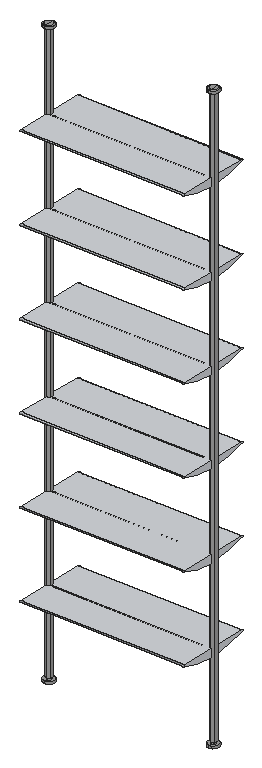
Revit family "Sailor_Modulo_Base", category Arredi, Revit 2017
Family settings
  Numero OmniClass = 23.40.20.00
  Titolo OmniClass = General Furniture and Specialties
  Basato su piano di lavoro = No
  Sempre verticale = Sì
  Taglio con vuoti quando caricato = No
  Condiviso = No
  Punto di calcolo locali = No
Parameters
  VisibRipiano6 [instance] = yes
  VisibRipiano5 [instance] = yes
  VisibRipiano4 [instance] = yes
  VisibRipiano3 [instance] = yes
  VisibRipiano1 [instance] = yes
  VisibRipiano2 [instance] = yes
  URL = "www.livingdivani.it"
  Ripiano = none
  Produttore = "Living Divani"
  PrimaAsta = yes
  Modello = "Sailor"
  Aste = Materiale per il rendering 128-128-128
  LunghezzaRipiano [instance] = 750 mm
Reference planes
  plane 1 "Centro (Fronte/Retro)": y = 0
  plane 2: z = 0
  plane 3 "Centro (Sinistra/Destra)": x = 0
  plane 4: y = 0
  plane 5 "Lunghezza Ripiano": x = 750
  plane 6 "primo ripiano": z = 383
  plane 7: y = 0
  plane 8: y = 0
  plane 9: y = 0
  plane 10: y = 0
  plane 11: y = 0
Forms (mm)
  Extrusion 1, solid, material "Materiale per il rendering 128-128-128" <- "Aste", visible <- "PrimaAsta"
    sketch origin (0, 0, 0) x (1, 0, 0) y (0, 1, 0)
      loop
        line (12.5, 7.217) -> (0, 14.434) -> (-12.5, 7.217) -> (-12.5, -7.217) -> (0, -14.434) -> (12.5, -7.217) -> (12.5, 7.217)
    from 20 to 2670
  Revolve 2, solid, material "Materiale per il rendering 128-128-128" <- "Aste", visible <- "PrimaAsta"
    sketch origin (0, 0, 0) x (0, 1, 0) y (0, 0, 1)
      loop
        line (0, 20) -> (0, 0) -> (19, 0) -> (20.125, 2.25) -> (25, 2.25) -> (25, 9.915) -> (7.761, 9.915) -> (6.996, 12.974) -> (5, 12.974) -> (5, 14.189) -> (7.229, 20) -> (0, 20)
      axis (0, 0) -> (0, 20)
    angle from 0 to 360
  Revolve 3, solid, material "Materiale per il rendering 128-128-128" <- "Aste", visible <- "PrimaAsta"
    sketch origin (0, 0, 2690) x (0, 1, 0) y (0, 0, -1)
      loop
        line (0, 20) -> (0, 0) -> (19, 0) -> (20.125, 2.25) -> (25, 2.25) -> (25, 9.915) -> (7.761, 9.915) -> (6.996, 12.974) -> (5, 12.974) -> (5, 14.189) -> (7.229, 20) -> (0, 20)
      axis (0, 0) -> (0, 20)
    angle from 0 to 360
  Extrusion 4, solid, material <- "Ripiano", visible <- "VisibRipiano1"
    sketch origin (0, -315.449, -968.719) x (0, 1, 0) y (0, 0, 1)
      loop
        arc (153.449, 1369.219) -> (150.496, 1366.748) -> (152.408, 1363.405) r 3
        arc (152.408, 1363.405) -> (315.449, 1334.219) -> (478.489, 1363.405) r 469.983
        arc (478.489, 1363.405) -> (480.402, 1366.748) -> (477.449, 1369.219) r 3
        line (477.449, 1369.219) -> (153.449, 1369.219)
      loop
        circle (315.449, 1351.719) r 8
    from 0 to 750 <- "LunghezzaRipiano"
  Extrusion 5, solid, visible <- "PrimaAsta", not visible
    sketch origin (0, 0, 0) x (1, 0, 0) y (0, 1, 0)
      loop
        line (12.5, 7.217) -> (0, 14.434) -> (-12.5, 7.217) -> (-12.5, -7.217) -> (0, -14.434) -> (12.5, -7.217) -> (12.5, 7.217)
    from 20 to 2670
  Revolve 6, solid, visible <- "PrimaAsta", not visible
    sketch origin (0, 0, 0) x (0, 1, 0) y (0, 0, 1)
      loop
        line (0, 20) -> (0, 0) -> (19, 0) -> (20.125, 2.25) -> (25, 2.25) -> (25, 9.915) -> (7.761, 9.915) -> (6.996, 12.974) -> (5, 12.974) -> (5, 14.189) -> (7.229, 20) -> (0, 20)
      axis (0, 0) -> (0, 20)
    angle from 0 to 360
  Revolve 7, solid, visible <- "PrimaAsta", not visible
    sketch origin (0, 0, 2690) x (0, 1, 0) y (0, 0, -1)
      loop
        line (0, 20) -> (0, 0) -> (19, 0) -> (20.125, 2.25) -> (25, 2.25) -> (25, 9.915) -> (7.761, 9.915) -> (6.996, 12.974) -> (5, 12.974) -> (5, 14.189) -> (7.229, 20) -> (0, 20)
      axis (0, 0) -> (0, 20)
    angle from 0 to 360
  Revolve 8, solid, material "Materiale per il rendering 128-128-128" <- "Aste"
    sketch origin (750, 0, 0) x (0, 1, 0) y (0, 0, 1)
      loop
        line (0, 20) -> (0, 0) -> (19, 0) -> (20.125, 2.25) -> (25, 2.25) -> (25, 9.915) -> (7.761, 9.915) -> (6.996, 12.974) -> (5, 12.974) -> (5, 14.189) -> (7.229, 20) -> (0, 20)
      axis (0, 0) -> (0, 20)
    angle from 0 to 360
  Revolve 9, solid, material "Materiale per il rendering 128-128-128" <- "Aste"
    sketch origin (750, 0, 2690) x (0, 1, 0) y (0, 0, -1)
      loop
        line (0, 20) -> (0, 0) -> (19, 0) -> (20.125, 2.25) -> (25, 2.25) -> (25, 9.915) -> (7.761, 9.915) -> (6.996, 12.974) -> (5, 12.974) -> (5, 14.189) -> (7.229, 20) -> (0, 20)
      axis (0, 0) -> (0, 20)
    angle from 0 to 360
  Extrusion 10, solid, material <- "Ripiano", visible <- "VisibRipiano2"
    sketch origin (0, -315.449, -583.719) x (0, 1, 0) y (0, 0, 1)
      loop
        arc (153.449, 1369.219) -> (150.496, 1366.748) -> (152.408, 1363.405) r 3
        arc (152.408, 1363.405) -> (315.449, 1334.219) -> (478.489, 1363.405) r 469.983
        arc (478.489, 1363.405) -> (480.402, 1366.748) -> (477.449, 1369.219) r 3
        line (477.449, 1369.219) -> (153.449, 1369.219)
      loop
        circle (315.449, 1351.719) r 8
    from 0 to 750 <- "LunghezzaRipiano"
  Extrusion 11, solid, material <- "Ripiano", visible <- "VisibRipiano3"
    sketch origin (0, -315.449, -198.719) x (0, 1, 0) y (0, 0, 1)
      loop
        arc (153.449, 1369.219) -> (150.496, 1366.748) -> (152.408, 1363.405) r 3
        arc (152.408, 1363.405) -> (315.449, 1334.219) -> (478.489, 1363.405) r 469.983
        arc (478.489, 1363.405) -> (480.402, 1366.748) -> (477.449, 1369.219) r 3
        line (477.449, 1369.219) -> (153.449, 1369.219)
      loop
        circle (315.449, 1351.719) r 8
    from 0 to 750 <- "LunghezzaRipiano"
  Extrusion 12, solid, material <- "Ripiano", visible <- "VisibRipiano4"
    sketch origin (0, -315.449, 186.281) x (0, 1, 0) y (0, 0, 1)
      loop
        arc (153.449, 1369.219) -> (150.496, 1366.748) -> (152.408, 1363.405) r 3
        arc (152.408, 1363.405) -> (315.449, 1334.219) -> (478.489, 1363.405) r 469.983
        arc (478.489, 1363.405) -> (480.402, 1366.748) -> (477.449, 1369.219) r 3
        line (477.449, 1369.219) -> (153.449, 1369.219)
      loop
        circle (315.449, 1351.719) r 8
    from 0 to 750 <- "LunghezzaRipiano"
  Extrusion 13, solid, material <- "Ripiano", visible <- "VisibRipiano5"
    sketch origin (0, -315.449, 571.281) x (0, 1, 0) y (0, 0, 1)
      loop
        arc (153.449, 1369.219) -> (150.496, 1366.748) -> (152.408, 1363.405) r 3
        arc (152.408, 1363.405) -> (315.449, 1334.219) -> (478.489, 1363.405) r 469.983
        arc (478.489, 1363.405) -> (480.402, 1366.748) -> (477.449, 1369.219) r 3
        line (477.449, 1369.219) -> (153.449, 1369.219)
      loop
        circle (315.449, 1351.719) r 8
    from 0 to 750 <- "LunghezzaRipiano"
  Extrusion 14, solid, material <- "Ripiano", visible <- "VisibRipiano6"
    sketch origin (0, -315.449, 956.281) x (0, 1, 0) y (0, 0, 1)
      loop
        arc (153.449, 1369.219) -> (150.496, 1366.748) -> (152.408, 1363.405) r 3
        arc (152.408, 1363.405) -> (315.449, 1334.219) -> (478.489, 1363.405) r 469.983
        arc (478.489, 1363.405) -> (480.402, 1366.748) -> (477.449, 1369.219) r 3
        line (477.449, 1369.219) -> (153.449, 1369.219)
      loop
        circle (315.449, 1351.719) r 8
    from 0 to 750 <- "LunghezzaRipiano"
  Extrusion 15, solid, material "Materiale per il rendering 128-128-128" <- "Aste"
    sketch origin (750, 0, 0) x (-1, 0, 0) y (0, -1, 0)
      loop
        line (12.5, -7.217) -> (12.5, 7.217) -> (0, 14.434) -> (-12.5, 7.217) -> (-12.5, -7.217) -> (0, -14.434) -> (12.5, -7.217)
    from 20 to 2670
  Extrusion 16, void
    sketch origin (-112.713, -21.581, 0) x (1, 0, 0) y (0, 1, 0)
      loop
        line (112.713, 36.015) -> (112.713, 7.147) -> (125.213, 14.364) -> (125.213, 28.798) -> (112.713, 36.015)
    from 361.476 to 406.494
  Extrusion 17, void
    sketch origin (862.713, -21.581, 0) x (-1, 0, 0) y (0, -1, 0)
      loop
        line (112.713, -36.015) -> (125.213, -28.798) -> (125.213, -14.364) -> (112.713, -7.147) -> (112.713, -36.015)
    from 361.476 to 406.494
  Extrusion 18, void
    sketch origin (-112.713, -21.581, 385.443) x (0, -1, 0) y (1, 0, 0)
      loop
        line (-36.015, 112.713) -> (-7.147, 112.713) -> (-14.364, 125.213) -> (-28.798, 125.213) -> (-36.015, 112.713)
    from 361.476 to 406.494
  Extrusion 19, void
    sketch origin (862.713, -21.581, 385.443) x (0, 1, 0) y (-1, 0, 0)
      loop
        line (36.015, 112.713) -> (28.798, 125.213) -> (14.364, 125.213) -> (7.147, 112.713) -> (36.015, 112.713)
    from 361.476 to 406.494
  Extrusion 20, void
    sketch origin (-112.713, -21.581, 770.443) x (0, -1, 0) y (1, 0, 0)
      loop
        line (-36.015, 112.713) -> (-7.147, 112.713) -> (-14.364, 125.213) -> (-28.798, 125.213) -> (-36.015, 112.713)
    from 361.476 to 406.494
  Extrusion 21, void
    sketch origin (862.713, -21.581, 770.443) x (0, 1, 0) y (-1, 0, 0)
      loop
        line (36.015, 112.713) -> (28.798, 125.213) -> (14.364, 125.213) -> (7.147, 112.713) -> (36.015, 112.713)
    from 361.476 to 406.494
  Extrusion 22, void
    sketch origin (-112.713, -21.581, 1155.443) x (0, -1, 0) y (1, 0, 0)
      loop
        line (-36.015, 112.713) -> (-7.147, 112.713) -> (-14.364, 125.213) -> (-28.798, 125.213) -> (-36.015, 112.713)
    from 361.476 to 406.494
  Extrusion 23, void
    sketch origin (862.713, -21.581, 1155.443) x (0, 1, 0) y (-1, 0, 0)
      loop
        line (36.015, 112.713) -> (28.798, 125.213) -> (14.364, 125.213) -> (7.147, 112.713) -> (36.015, 112.713)
    from 361.476 to 406.494
  Extrusion 24, void
    sketch origin (-112.713, -21.581, 1540.443) x (0, -1, 0) y (1, 0, 0)
      loop
        line (-36.015, 112.713) -> (-7.147, 112.713) -> (-14.364, 125.213) -> (-28.798, 125.213) -> (-36.015, 112.713)
    from 361.476 to 406.494
  Extrusion 25, void
    sketch origin (862.713, -21.581, 1540.443) x (0, 1, 0) y (-1, 0, 0)
      loop
        line (36.015, 112.713) -> (28.798, 125.213) -> (14.364, 125.213) -> (7.147, 112.713) -> (36.015, 112.713)
    from 361.476 to 406.494
  Extrusion 26, void
    sketch origin (-112.713, -21.581, 1925.443) x (0, -1, 0) y (1, 0, 0)
      loop
        line (-36.015, 112.713) -> (-7.147, 112.713) -> (-14.364, 125.213) -> (-28.798, 125.213) -> (-36.015, 112.713)
    from 361.476 to 406.494
  Extrusion 27, void
    sketch origin (862.713, -21.581, 1925.443) x (0, 1, 0) y (-1, 0, 0)
      loop
        line (36.015, 112.713) -> (28.798, 125.213) -> (14.364, 125.213) -> (7.147, 112.713) -> (36.015, 112.713)
    from 361.476 to 406.494
Cuts and joins
  Extrusion 16, Extrusion 17, Extrusion 18, Extrusion 19 cuts Extrusion 4
  Extrusion 16, Extrusion 17, Extrusion 26, Extrusion 27 cuts Extrusion 14
  Extrusion 17 cuts Extrusion 1
  Extrusion 18, Extrusion 19, Extrusion 20 cuts Extrusion 10
  Extrusion 20, Extrusion 21, Extrusion 22 cuts Extrusion 11
  Extrusion 22, Extrusion 23, Extrusion 24 cuts Extrusion 12
  Extrusion 24, Extrusion 25, Extrusion 26 cuts Extrusion 13
Dimensions and locks
  equal spacing: Extrusion 4 sketch curve, plane 4, Extrusion 4 sketch curve, locked at 165 each
  "LunghezzaRipiano": plane 3 "Centro (Sinistra/Destra)" to plane 5 "Lunghezza Ripiano"
  plane 6 "primo ripiano" to level = 383 mm
  equal spacing: Extrusion 10 sketch curve, plane 7, Extrusion 10 sketch curve, locked at 165 each
  Extrusion 10 to plane 6 "primo ripiano" = 385 mm
  equal spacing: Extrusion 11 sketch curve, plane 8, Extrusion 11 sketch curve, locked at 165 each
  equal spacing: Extrusion 12 sketch curve, plane 9, Extrusion 12 sketch curve, locked at 165 each
  equal spacing: Extrusion 13 sketch curve, plane 10, Extrusion 13 sketch curve, locked at 165 each
  equal spacing: Extrusion 14 sketch curve, plane 11, Extrusion 14 sketch curve, locked at 165 each
  aligned and locked: level to plane 2
  aligned and locked: Extrusion 1 to Revolve 2
  aligned and locked: Extrusion 1 to Revolve 3
  aligned and locked: plane 4 to plane 1 "Centro (Fronte/Retro)"
  aligned and locked: plane 5 "Lunghezza Ripiano" to Revolve 9
  aligned and locked: plane 6 "primo ripiano" to Extrusion 4
  aligned and locked: Extrusion 15 to plane 5 "Lunghezza Ripiano"
  aligned and locked: cut or joined group of Extrusion 14, Extrusion 16, Extrusion 17, Extrusion 26, Extrusion 27 to cut or joined group of Extrusion 4, Extrusion 16, Extrusion 17, Extrusion 18, Extrusion 19  (x2)
  aligned and locked: plane 5 "Lunghezza Ripiano" to Revolve 8
Automatic sketch dimensions
  Extrusion 5 sketch curve to Extrusion 5 sketch curve = 7.217 mm  (x4)
  Revolve 6 sketch curve to Revolve 6 sketch curve = 1.996 mm
  Revolve 6 sketch curve to Revolve 6 sketch curve = 2.229 mm
  Revolve 6 sketch curve to Revolve 6 sketch curve = 0.765 mm
  Revolve 6 sketch curve to Revolve 6 sketch curve = 11.239 mm
  Revolve 6 sketch curve to Revolve 6 sketch curve = 1.125 mm
  Revolve 6 sketch curve to Revolve 6 sketch curve = 4.875 mm
  Revolve 6 sketch curve to Revolve 6 sketch curve = 3.059 mm
  Revolve 6 sketch curve to Revolve 6 sketch curve = 1.216 mm
  Revolve 6 sketch curve to Revolve 6 sketch curve = 5.811 mm
  Revolve 6 sketch curve to Revolve 6 sketch curve = 2780 mm
  Revolve 7 sketch curve to Revolve 7 sketch curve = 1.996 mm
  Revolve 7 sketch curve to Revolve 7 sketch curve = 2.229 mm
  Revolve 7 sketch curve to Revolve 7 sketch curve = 0.765 mm
  Revolve 7 sketch curve to Revolve 7 sketch curve = 11.239 mm
  Revolve 7 sketch curve to Revolve 7 sketch curve = 1.125 mm
  Revolve 7 sketch curve to Revolve 7 sketch curve = 4.875 mm
  Revolve 7 sketch curve to Revolve 7 sketch curve = 2.25 mm
  Revolve 7 sketch curve to Revolve 7 sketch curve = 9.915 mm
  Revolve 7 sketch curve to Revolve 7 sketch curve = 3.059 mm
  Revolve 7 sketch curve to Revolve 7 sketch curve = 1.216 mm
  Revolve 7 sketch curve to Revolve 7 sketch curve = 5.811 mm
  Revolve 7 sketch curve to Revolve 7 sketch curve = 0 mm  (x2)
  Extrusion 5 sketch curve to Extrusion 5 sketch curve = 12.5 mm  (x3)
  Extrusion 5 sketch curve to Extrusion 5 sketch curve = 14.434 mm
  Revolve 6 sketch curve to Revolve 6 sketch curve = 5 mm
  Revolve 6 sketch curve to Revolve 6 sketch curve = 2.25 mm
  Revolve 6 sketch curve to Revolve 6 sketch curve = 9.915 mm
  Revolve 6 sketch curve to Revolve 6 sketch curve = 0 mm  (x2)
  Revolve 7 sketch curve to Revolve 7 sketch curve = 5 mm
  Revolve 7 sketch curve to Revolve 7 sketch curve = 2780 mm
  Extrusion 1 sketch curve to plane 3 "Centro (Sinistra/Destra)" = 0 mm  (x2)
  Extrusion 1 sketch curve to plane 3 "Centro (Sinistra/Destra)" = 12.5 mm
  plane 3 "Centro (Sinistra/Destra)" to Extrusion 1 sketch curve = 12.5 mm
  plane 1 "Centro (Fronte/Retro)" to Extrusion 1 sketch curve = 14.434 mm
  plane 1 "Centro (Fronte/Retro)" to Extrusion 1 sketch curve = 7.217 mm  (x2)
  Extrusion 1 sketch curve to plane 1 "Centro (Fronte/Retro)" = 7.217 mm  (x2)
  Extrusion 1 sketch curve to Extrusion 1 sketch curve = 7.217 mm
  Revolve 2 sketch curve to level = 0 mm  (x2)
  Revolve 2 sketch curve to plane 1 "Centro (Fronte/Retro)" = 0 mm  (x2)
  Revolve 2 sketch curve to plane 1 "Centro (Fronte/Retro)" = 5 mm
  Revolve 2 sketch curve to Revolve 2 sketch curve = 1.996 mm
  Revolve 2 sketch curve to Revolve 2 sketch curve = 2.229 mm
  Revolve 2 sketch curve to Revolve 2 sketch curve = 0.765 mm
  Revolve 2 sketch curve to Revolve 2 sketch curve = 11.239 mm
  level to Revolve 2 sketch curve = 2.25 mm
  Revolve 2 sketch curve to Revolve 2 sketch curve = 1.125 mm
  Revolve 2 sketch curve to Revolve 2 sketch curve = 4.875 mm
  level to Revolve 2 sketch curve = 9.915 mm
  Revolve 2 sketch curve to Revolve 2 sketch curve = 3.059 mm
  Revolve 2 sketch curve to Revolve 2 sketch curve = 1.216 mm
  Revolve 2 sketch curve to Revolve 2 sketch curve = 5.811 mm
  plane 6 "primo ripiano" to Revolve 2 sketch curve = 2417 mm
  Revolve 3 sketch curve to plane 1 "Centro (Fronte/Retro)" = 0 mm  (x2)
  plane 1 "Centro (Fronte/Retro)" to Revolve 3 sketch curve = 5 mm
  Revolve 3 sketch curve to Revolve 3 sketch curve = 1.996 mm
  Revolve 3 sketch curve to Revolve 3 sketch curve = 2.229 mm
  Revolve 3 sketch curve to Revolve 3 sketch curve = 0.765 mm
  Revolve 3 sketch curve to Revolve 3 sketch curve = 11.239 mm
  Revolve 3 sketch curve to Revolve 3 sketch curve = 1.125 mm
  Revolve 3 sketch curve to Revolve 3 sketch curve = 4.875 mm
  Revolve 3 sketch curve to plane 6 "primo ripiano" = 2307 mm
  Revolve 3 sketch curve to Revolve 3 sketch curve = 2.25 mm
  Revolve 3 sketch curve to Revolve 3 sketch curve = 9.915 mm
  Revolve 3 sketch curve to Revolve 3 sketch curve = 3.059 mm
  Revolve 3 sketch curve to Revolve 3 sketch curve = 1.216 mm
  Revolve 3 sketch curve to Revolve 3 sketch curve = 5.811 mm
  Revolve 3 sketch curve to Revolve 3 sketch curve = 0 mm
  level to Revolve 3 sketch curve = 110 mm
  Extrusion 4 sketch curve to plane 1 "Centro (Fronte/Retro)" = 0 mm  (x2)
  Extrusion 4 sketch curve to plane 6 "primo ripiano" = 0 mm
  plane 6 "primo ripiano" to Extrusion 4 sketch curve = 17.5 mm
  plane 1 "Centro (Fronte/Retro)" to Extrusion 4 sketch curve = 162 mm
  Extrusion 4 sketch curve to plane 1 "Centro (Fronte/Retro)" = 162 mm
  Extrusion 4 sketch curve to Extrusion 4 sketch curve = 3 mm
  Extrusion 4 sketch curve to Extrusion 4 sketch curve = 452.483 mm
  Extrusion 4 sketch curve to Extrusion 4 sketch curve = 0 mm
  Revolve 8 sketch curve to level = 0 mm  (x2)
  Revolve 8 sketch curve to plane 1 "Centro (Fronte/Retro)" = 0 mm  (x2)
  Revolve 8 sketch curve to plane 1 "Centro (Fronte/Retro)" = 5 mm
  Revolve 8 sketch curve to Revolve 8 sketch curve = 1.996 mm
  Revolve 8 sketch curve to Revolve 8 sketch curve = 2.229 mm
  Revolve 8 sketch curve to Revolve 8 sketch curve = 0.765 mm
  Revolve 8 sketch curve to Revolve 8 sketch curve = 11.239 mm
  level to Revolve 8 sketch curve = 2.25 mm
  Revolve 8 sketch curve to Revolve 8 sketch curve = 1.125 mm
  Revolve 8 sketch curve to Revolve 8 sketch curve = 4.875 mm
  level to Revolve 8 sketch curve = 9.915 mm
  Revolve 8 sketch curve to Revolve 8 sketch curve = 3.059 mm
  Revolve 8 sketch curve to Revolve 8 sketch curve = 1.216 mm
  Revolve 8 sketch curve to Revolve 8 sketch curve = 5.811 mm
  plane 6 "primo ripiano" to Revolve 8 sketch curve = 2417 mm
  Revolve 9 sketch curve to plane 1 "Centro (Fronte/Retro)" = 0 mm  (x2)
  plane 1 "Centro (Fronte/Retro)" to Revolve 9 sketch curve = 5 mm
  Revolve 9 sketch curve to Revolve 9 sketch curve = 1.996 mm
  Revolve 9 sketch curve to Revolve 9 sketch curve = 2.229 mm
  Revolve 9 sketch curve to Revolve 9 sketch curve = 0.765 mm
  Revolve 9 sketch curve to Revolve 9 sketch curve = 11.239 mm
  Revolve 9 sketch curve to Revolve 9 sketch curve = 1.125 mm
  Revolve 9 sketch curve to Revolve 9 sketch curve = 4.875 mm
  Revolve 9 sketch curve to plane 6 "primo ripiano" = 2307 mm
  Revolve 9 sketch curve to Revolve 9 sketch curve = 2.25 mm
  Revolve 9 sketch curve to Revolve 9 sketch curve = 9.915 mm
  Revolve 9 sketch curve to Revolve 9 sketch curve = 3.059 mm
  Revolve 9 sketch curve to Revolve 9 sketch curve = 1.216 mm
  Revolve 9 sketch curve to Revolve 9 sketch curve = 5.811 mm
  Revolve 9 sketch curve to Revolve 9 sketch curve = 0 mm
  level to Revolve 9 sketch curve = 110 mm
  Extrusion 10 sketch curve to plane 1 "Centro (Fronte/Retro)" = 0 mm  (x2)
  plane 1 "Centro (Fronte/Retro)" to Extrusion 10 sketch curve = 162 mm
  Extrusion 10 sketch curve to plane 1 "Centro (Fronte/Retro)" = 162 mm
  plane 6 "primo ripiano" to Extrusion 10 sketch curve = 385 mm
  Extrusion 10 sketch curve to Extrusion 10 sketch curve = 14.5 mm
  Extrusion 10 sketch curve to Extrusion 10 sketch curve = 3 mm
  Extrusion 10 sketch curve to Extrusion 10 sketch curve = 452.483 mm
  Extrusion 10 sketch curve to Extrusion 10 sketch curve = 0 mm
  Extrusion 11 sketch curve to plane 1 "Centro (Fronte/Retro)" = 0 mm  (x2)
  plane 1 "Centro (Fronte/Retro)" to Extrusion 11 sketch curve = 162 mm
  Extrusion 11 sketch curve to plane 1 "Centro (Fronte/Retro)" = 162 mm
  plane 6 "primo ripiano" to Extrusion 11 sketch curve = 770 mm
  Extrusion 11 sketch curve to Extrusion 11 sketch curve = 14.5 mm
  Extrusion 11 sketch curve to Extrusion 11 sketch curve = 3 mm
  Extrusion 11 sketch curve to Extrusion 11 sketch curve = 452.483 mm
  Extrusion 11 sketch curve to Extrusion 11 sketch curve = 0 mm
  Extrusion 12 sketch curve to plane 1 "Centro (Fronte/Retro)" = 0 mm  (x2)
  plane 1 "Centro (Fronte/Retro)" to Extrusion 12 sketch curve = 162 mm
  Extrusion 12 sketch curve to plane 1 "Centro (Fronte/Retro)" = 162 mm
  plane 6 "primo ripiano" to Extrusion 12 sketch curve = 1155 mm
  Extrusion 12 sketch curve to Extrusion 12 sketch curve = 14.5 mm
  Extrusion 12 sketch curve to Extrusion 12 sketch curve = 3 mm
  Extrusion 12 sketch curve to Extrusion 12 sketch curve = 452.483 mm
  Extrusion 12 sketch curve to Extrusion 12 sketch curve = 0 mm
  Extrusion 13 sketch curve to plane 1 "Centro (Fronte/Retro)" = 0 mm  (x2)
  plane 1 "Centro (Fronte/Retro)" to Extrusion 13 sketch curve = 162 mm
  Extrusion 13 sketch curve to plane 1 "Centro (Fronte/Retro)" = 162 mm
  plane 6 "primo ripiano" to Extrusion 13 sketch curve = 1540 mm
  Extrusion 13 sketch curve to Extrusion 13 sketch curve = 14.5 mm
  Extrusion 13 sketch curve to Extrusion 13 sketch curve = 3 mm
  Extrusion 13 sketch curve to Extrusion 13 sketch curve = 452.483 mm
  Extrusion 13 sketch curve to Extrusion 13 sketch curve = 0 mm
  Extrusion 14 sketch curve to plane 1 "Centro (Fronte/Retro)" = 0 mm  (x2)
  plane 1 "Centro (Fronte/Retro)" to Extrusion 14 sketch curve = 162 mm
  Extrusion 14 sketch curve to plane 1 "Centro (Fronte/Retro)" = 162 mm
  plane 6 "primo ripiano" to Extrusion 14 sketch curve = 1925 mm
  Extrusion 14 sketch curve to Extrusion 14 sketch curve = 14.5 mm
  Extrusion 14 sketch curve to Extrusion 14 sketch curve = 3 mm
  Extrusion 14 sketch curve to Extrusion 14 sketch curve = 452.483 mm
  Extrusion 14 sketch curve to Extrusion 14 sketch curve = 0 mm
  Extrusion 15 sketch curve to plane 5 "Lunghezza Ripiano" = 0 mm  (x2)
  plane 5 "Lunghezza Ripiano" to Extrusion 15 sketch curve = 12.5 mm
  Extrusion 15 sketch curve to plane 5 "Lunghezza Ripiano" = 12.5 mm
  Extrusion 15 sketch curve to plane 1 "Centro (Fronte/Retro)" = 14.434 mm
  Extrusion 15 sketch curve to plane 1 "Centro (Fronte/Retro)" = 7.217 mm  (x2)
  plane 1 "Centro (Fronte/Retro)" to Extrusion 15 sketch curve = 7.217 mm  (x2)
  Extrusion 15 sketch curve to Extrusion 15 sketch curve = 7.217 mm
  Extrusion 16 sketch curve to plane 3 "Centro (Sinistra/Destra)" = 0 mm
  plane 3 "Centro (Sinistra/Destra)" to Extrusion 16 sketch curve = 12.5 mm
  plane 1 "Centro (Fronte/Retro)" to Extrusion 16 sketch curve = 14.434 mm
  plane 1 "Centro (Fronte/Retro)" to Extrusion 16 sketch curve = 7.217 mm
  Extrusion 16 sketch curve to plane 1 "Centro (Fronte/Retro)" = 7.217 mm
  Extrusion 16 sketch curve to Extrusion 16 sketch curve = 7.217 mm
  plane 5 "Lunghezza Ripiano" to Extrusion 17 sketch curve = 0 mm
  plane 5 "Lunghezza Ripiano" to Extrusion 17 sketch curve = 12.5 mm
  Extrusion 17 sketch curve to plane 1 "Centro (Fronte/Retro)" = 14.434 mm
  Extrusion 17 sketch curve to plane 1 "Centro (Fronte/Retro)" = 7.217 mm
  plane 1 "Centro (Fronte/Retro)" to Extrusion 17 sketch curve = 7.217 mm
  plane 1 "Centro (Fronte/Retro)" to Extrusion 17 sketch curve = 14.434 mm
  Extrusion 18 sketch curve to plane 3 "Centro (Sinistra/Destra)" = 0 mm
  Extrusion 18 sketch curve to plane 1 "Centro (Fronte/Retro)" = 14.434 mm
  Extrusion 18 sketch curve to plane 1 "Centro (Fronte/Retro)" = 7.217 mm
  plane 1 "Centro (Fronte/Retro)" to Extrusion 18 sketch curve = 7.217 mm
  Extrusion 18 sketch curve to Extrusion 18 sketch curve = 7.217 mm
  plane 3 "Centro (Sinistra/Destra)" to Extrusion 18 sketch curve = 12.5 mm
  Extrusion 19 sketch curve to plane 5 "Lunghezza Ripiano" = 0 mm
  plane 1 "Centro (Fronte/Retro)" to Extrusion 19 sketch curve = 14.434 mm
  plane 1 "Centro (Fronte/Retro)" to Extrusion 19 sketch curve = 7.217 mm
  Extrusion 19 sketch curve to plane 1 "Centro (Fronte/Retro)" = 7.217 mm
  Extrusion 19 sketch curve to plane 1 "Centro (Fronte/Retro)" = 14.434 mm
  Extrusion 19 sketch curve to plane 5 "Lunghezza Ripiano" = 12.5 mm
  Extrusion 20 sketch curve to plane 3 "Centro (Sinistra/Destra)" = 0 mm
  Extrusion 20 sketch curve to plane 1 "Centro (Fronte/Retro)" = 14.434 mm
  Extrusion 20 sketch curve to plane 1 "Centro (Fronte/Retro)" = 7.217 mm
  plane 1 "Centro (Fronte/Retro)" to Extrusion 20 sketch curve = 7.217 mm
  Extrusion 20 sketch curve to Extrusion 20 sketch curve = 7.217 mm
  plane 3 "Centro (Sinistra/Destra)" to Extrusion 20 sketch curve = 12.5 mm
  Extrusion 21 sketch curve to plane 5 "Lunghezza Ripiano" = 0 mm
  plane 1 "Centro (Fronte/Retro)" to Extrusion 21 sketch curve = 14.434 mm
  plane 1 "Centro (Fronte/Retro)" to Extrusion 21 sketch curve = 7.217 mm
  Extrusion 21 sketch curve to plane 1 "Centro (Fronte/Retro)" = 7.217 mm
  Extrusion 21 sketch curve to plane 1 "Centro (Fronte/Retro)" = 14.434 mm
  Extrusion 21 sketch curve to plane 5 "Lunghezza Ripiano" = 12.5 mm
  Extrusion 22 sketch curve to plane 3 "Centro (Sinistra/Destra)" = 0 mm
  Extrusion 22 sketch curve to plane 1 "Centro (Fronte/Retro)" = 14.434 mm
  Extrusion 22 sketch curve to plane 1 "Centro (Fronte/Retro)" = 7.217 mm
  plane 1 "Centro (Fronte/Retro)" to Extrusion 22 sketch curve = 7.217 mm
  Extrusion 22 sketch curve to Extrusion 22 sketch curve = 7.217 mm
  plane 3 "Centro (Sinistra/Destra)" to Extrusion 22 sketch curve = 12.5 mm
  Extrusion 23 sketch curve to plane 5 "Lunghezza Ripiano" = 0 mm
  plane 1 "Centro (Fronte/Retro)" to Extrusion 23 sketch curve = 14.434 mm
  plane 1 "Centro (Fronte/Retro)" to Extrusion 23 sketch curve = 7.217 mm
  Extrusion 23 sketch curve to plane 1 "Centro (Fronte/Retro)" = 7.217 mm
  Extrusion 23 sketch curve to plane 1 "Centro (Fronte/Retro)" = 14.434 mm
  Extrusion 23 sketch curve to plane 5 "Lunghezza Ripiano" = 12.5 mm
  Extrusion 24 sketch curve to plane 3 "Centro (Sinistra/Destra)" = 0 mm
  Extrusion 24 sketch curve to plane 1 "Centro (Fronte/Retro)" = 14.434 mm
  Extrusion 24 sketch curve to plane 1 "Centro (Fronte/Retro)" = 7.217 mm
  plane 1 "Centro (Fronte/Retro)" to Extrusion 24 sketch curve = 7.217 mm
  Extrusion 24 sketch curve to Extrusion 24 sketch curve = 7.217 mm
  plane 3 "Centro (Sinistra/Destra)" to Extrusion 24 sketch curve = 12.5 mm
  Extrusion 25 sketch curve to plane 5 "Lunghezza Ripiano" = 0 mm
  plane 1 "Centro (Fronte/Retro)" to Extrusion 25 sketch curve = 14.434 mm
  plane 1 "Centro (Fronte/Retro)" to Extrusion 25 sketch curve = 7.217 mm
  Extrusion 25 sketch curve to plane 1 "Centro (Fronte/Retro)" = 7.217 mm
  Extrusion 25 sketch curve to plane 1 "Centro (Fronte/Retro)" = 14.434 mm
  Extrusion 25 sketch curve to plane 5 "Lunghezza Ripiano" = 12.5 mm
  Extrusion 26 sketch curve to plane 3 "Centro (Sinistra/Destra)" = 0 mm
  Extrusion 26 sketch curve to plane 1 "Centro (Fronte/Retro)" = 14.434 mm
  Extrusion 26 sketch curve to plane 1 "Centro (Fronte/Retro)" = 7.217 mm
  plane 1 "Centro (Fronte/Retro)" to Extrusion 26 sketch curve = 7.217 mm
  Extrusion 26 sketch curve to Extrusion 26 sketch curve = 7.217 mm
  plane 3 "Centro (Sinistra/Destra)" to Extrusion 26 sketch curve = 12.5 mm
  Extrusion 27 sketch curve to plane 5 "Lunghezza Ripiano" = 0 mm
  plane 1 "Centro (Fronte/Retro)" to Extrusion 27 sketch curve = 14.434 mm
  plane 1 "Centro (Fronte/Retro)" to Extrusion 27 sketch curve = 7.217 mm
  Extrusion 27 sketch curve to plane 1 "Centro (Fronte/Retro)" = 7.217 mm
  Extrusion 27 sketch curve to plane 1 "Centro (Fronte/Retro)" = 14.434 mm
  Extrusion 27 sketch curve to plane 5 "Lunghezza Ripiano" = 12.5 mm
  radius of Extrusion 4 sketch curve = 8 mm
  radius of Extrusion 10 sketch curve = 8 mm
  radius of Extrusion 11 sketch curve = 8 mm
  radius of Extrusion 12 sketch curve = 8 mm
  radius of Extrusion 13 sketch curve = 8 mm
  radius of Extrusion 14 sketch curve = 8 mm
